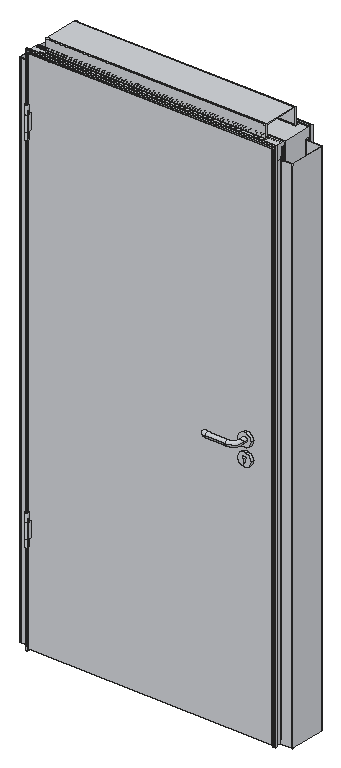
Revit family "BOS-Sino-Zarge-osd-STW_Familie", category Türen, Revit 2017
Family settings
  Basisbauteil = Wand
  Immer vertikal = Ja
  Beim Laden mit Abzugskörper schneiden = Nein
  Gemeinsam genutzt = Nein
  Raumberechnungspunkt = Ja
Parameters (values of type "osd mit Holztürblatt (Bandrolle sichtbar)")
  Öffnungswinkel [instance] = if(Öffnungswinkel   Aperture < Öffnungswinkel min., Öffnungswinkel min., if(Öffnungswinkel   Aperture > Öffnungswinkel max., Öffnungswinkel max., Öffnungswinkel   Aperture)) * if(DIN links   DIN Left, 1, -1)  # 0.00°
  Öffnungswinkel min. = 0.00°  # constant formula
  Öffnungswinkel max. = 180.00°  # constant formula
  Öffnungswinkel   Aperture [instance] = 0.00°
  osFd mit Holztürblatt (verdeckt liegendes Band) = no
  Umkantung vorne [instance] = 10 mm + if(Tectus Bänder, 1.5 mm, 0 mm)  # 10 mm
  Umkantung hinten [instance] = 10 mm  # constant formula
  Türblattabstand unten = 7 mm  # constant formula
  Türblattabstand oben = 4 mm  # constant formula
  Türblattaufschlag = 13 mm  # constant formula
  Türblattabstand links-rechts = 3.5 mm  # constant formula
  Theoretisches Rohbaumaß Höhe   Theoretical Wall Opening Height Measurement [instance] = FMH Falzmaß Höhe + Einfügepunkt  # 2162 mm
  Theoretisches Rohbaumaß Breite   Theoretical Wall Opening Width Measurement [instance] = FMB Falzmaß Breite + (2 * Einfügepunkt)  # 1074 mm
  Tectus Bänder [instance] = or([osd mit Holztürblatt (verdeckt liegendes Band)], [osFd mit Holztürblatt (verdeckt liegendes Band)])  # no
  Spiegel vorne min. = 2 * Blechstärke  # 4 mm
  Spiegel vorne max. = 2 * Blechstärke  # 4 mm
  Spiegel hinten min. = 2 * Blechstärke  # 4 mm
  Spiegel hinten max. = 2 * Blechstärke  # 4 mm
  Sickentiefe = 10 mm  # constant formula
  Putzwinkel min. = 3 mm  # constant formula
  Putzwinkel max. = 3 mm  # constant formula
  Material - Acrylfuge = none
  Holztürblatt [instance] = or(or([osd mit Holztürblatt (Bandrolle sichtbar)], [osd mit Holztürblatt (verdeckt liegendes Band)]), or([osFd mit Holztürblatt (Bandrolle sichtbar)], [osFd mit Holztürblatt (verdeckt liegendes Band)]))  # yes
  Gracila Bänder [instance] = or([osd mit Holztürblatt (Bandrolle sichtbar)], [osFd mit Holztürblatt (Bandrolle sichtbar)])  # yes
  Glastürdrücker [instance] = Glastürblatt  # no
  Glastürblatt [instance] = osd mit Glastürblatt  # no
  GT min. [instance] = MW min. + Putzwinkel vorne + Putzwinkel hinten  # 106 mm
  Drehpunktreferenz horizontal = 500 mm  # constant formula
  Türblattversatz vertikal [instance] = if(or(Gracila Bänder, Tectus Bänder), 9.5 mm, 44.5 mm)  # 9.5 mm
  Türblattversatz horizontal [instance] = if(or(Gracila Bänder, Tectus Bänder), -1.5 mm, 1.5 mm)  # -1.5 mm
  Türblattabstand 3 = 4.5 mm  # constant formula
  Türblattabstand 2 = 4.5 mm  # constant formula
  Türblattabstand 1 [instance] = if(Holztürblatt, -2 mm, -34 mm)  # -2 mm
  Wandstärke   Wall Thickness [instance] = 200 mm
  Stumpf = 1 < 2  # yes
  AK-Aussteifungsprofilabstand = Einfügepunkt + 50 mm  # 104 mm
  060-61/100 Bänder [instance] = osd mit Glastürblatt  # no
  Putzwinkel vorne   Backbend Front [instance] = 3 mm  # constant formula
  Putzwinkel hinten   Backbend Back [instance] = 3 mm  # constant formula
  LDH Lichte Durchgangs Höhe   Clearance Height [instance] = FMH Falzmaß Höhe - Falzaufschlag gesamt  # 2093 mm
  LDB Lichte Durchgangs Breite   Clearance Width [instance] = FMB Falzmaß Breite - (2 * Falzaufschlag gesamt)  # 936 mm
  Gefälzt = 1 > 2  # no
  URL = "www.BestOfSteel.de/stahlzargen/zargen-fuer-drehfluegeltueren/sino-zargen/"
  Türblattstärke 3 [instance] = if(Doppelfalz, Falztiefe 2, 0 mm)  # 0 mm
  Türblattstärke 2 [instance] = Türblattstärke - Türblattstärke 1 - Türblattstärke 3  # 40 mm
  Türblattstärke 1 [instance] = 0 mm  # constant formula
  Türblattstärke [instance] = if(Holztürblatt, if(Einfachfalz, 40 mm, 65 mm), 8 mm)  # 40 mm
  Typenbild = <Keine Auswahl>
  Spiegel vorne   Architrave Front [instance] = 2 * Blechstärke  # 4 mm
  Spiegel vorne [instance] = if(Spiegel vorne   Architrave Front < Spiegel vorne min., Spiegel vorne min., if(Spiegel vorne   Architrave Front > Spiegel vorne max., Spiegel vorne max., Spiegel vorne   Architrave Front))  # 4 mm
  Spiegel hinten   Architrave Back [instance] = 2 * Blechstärke  # 4 mm
  Spiegel hinten [instance] = if(Spiegel hinten   Architrave Back < Spiegel hinten min., Spiegel hinten min., if(Spiegel hinten   Architrave Back > Spiegel hinten max., Spiegel hinten max., Spiegel hinten   Architrave Back))  # 4 mm
  Rough Height = 0 mm  # constant formula
  Rough Width = 0 mm  # constant formula
  Rechtliche Hinweise [instance] = "www.BestOfSteel.de/tools-downloads/bim-building-information-modeling/"
  Putzwinkel vorne [instance] = if(Putzwinkel vorne   Backbend Front < Putzwinkel min., Putzwinkel min., if(Putzwinkel vorne   Backbend Front > Putzwinkel max., Putzwinkel max., Putzwinkel vorne   Backbend Front))  # 3 mm
  Putzwinkel hinten [instance] = if(Putzwinkel hinten   Backbend Back < Putzwinkel min., Putzwinkel min., if(Putzwinkel hinten   Backbend Back > Putzwinkel max., Putzwinkel max., Putzwinkel hinten   Backbend Back))  # 3 mm
  MW min. = if(Einfachfalz, 100 mm, 125 mm)  # 100 mm
  MW max. [instance] = GT max. - Putzwinkel vorne - Putzwinkel hinten  # 330 mm
  Information in English = no
  GT max. = 336 mm  # constant formula
  GT Gesamttiefe [instance] = GT Gesamttiefe_Zarge   Total Profile Depth  # 206 mm
  Funktion = Innen
  Falztiefe gesamt [instance] = if(Einfachfalz, Falztiefe, Falztiefe + Falztiefe 2)  # 46.5 mm
  Falztiefe 2 [instance] = 25 mm  # constant formula
  Falztiefe [instance] = Türblattstärke 2 - Türblattabstand 1 + Türblattabstand 2  # 46.5 mm
  Falzaufschlag gesamt = if(Einfachfalz, Falzaufschlag, 2 * Falzaufschlag)  # 15 mm
  FMH min. = 1608 mm  # constant formula
  FMH max. = 2358 mm  # constant formula
  FMH Falzmaß_Höhe   Rebate Height Measurement [instance] = 2108 mm
  FMH Falzmaß Höhe [instance] = if(FMH Falzmaß_Höhe   Rebate Height Measurement < FMH min., FMH min., if(FMH Falzmaß_Höhe   Rebate Height Measurement > FMH max., FMH max., FMH Falzmaß_Höhe   Rebate Height Measurement))  # 2108 mm
  FMB min. = 591 mm  # constant formula
  FMB max. = 966 mm  # constant formula
  FMB Falzmaß_Breite   Rebate Width Measurement [instance] = 966 mm
  FMB Falzmaß Breite [instance] = if(FMB Falzmaß_Breite   Rebate Width Measurement < FMB min., FMB min., if(FMB Falzmaß_Breite   Rebate Width Measurement > FMB max., FMB max., FMB Falzmaß_Breite   Rebate Width Measurement))  # 966 mm
  Drückerhöhe [instance] = if(Drückerhöhe   Handle Height < 850 mm, 850 mm, if(Drückerhöhe   Handle Height > 1050 mm, 1050 mm, Drückerhöhe   Handle Height))  # 1050 mm
  Drehpunkt Warnung sichtbar = yes
  Drehpunkt Warnung [instance] = and(Drehpunkt Warnung sichtbar, not(Öffnungswinkel = 0.00°))  # no
  Doppelfalz = or([osFd mit Holztürblatt (Bandrolle sichtbar)], [osFd mit Holztürblatt (verdeckt liegendes Band)])  # no
  Einfachfalz = or(or([osd mit Holztürblatt (Bandrolle sichtbar)], [osd mit Holztürblatt (verdeckt liegendes Band)]), osd mit Glastürblatt)  # yes
  Dichtungsversatz vertikal 2 [instance] = Falztiefe + Sickentiefe - Putzwinkel vorne + Falztiefe 2  # 78.5 mm
  Dichtungsversatz vertikal 1 [instance] = Falztiefe + Sickentiefe - Putzwinkel vorne  # 53.5 mm
  Dichtungsversatz horizontal 2 [instance] = Falzaufschlag  # 15 mm
  Dichtungsversatz horizontal 1 [instance] = 0 mm  # constant formula
  Dichtung 2 = Doppelfalz  # no
  Dichtung 1 = or(Einfachfalz, Doppelfalz)  # yes
  Drehpunktposition vertikal [instance] = (Wandstärke   Wall Thickness / 2) + Putzwinkel vorne + [Drehpunktabstand (SP) vertikal]  # 110.5 mm
  Drehpunktposition horizontal [instance] = Drehpunktreferenz horizontal + Einfügepunkt + if(DIN links   DIN Left, FMB Falzmaß Breite + [Drehpunktabstand (FM) horizontal], -[Drehpunktabstand (FM) horizontal])  # 1515 mm
  Drehpunktabstand (FM) horizontal [instance] = if(or(Gracila Bänder, Tectus Bänder), -5 mm, -2 mm)  # -5 mm
  Drehpunktabstand (SP) vertikal [instance] = if(or(Gracila Bänder, Tectus Bänder), 7.5 mm, 10.5 mm)  # 7.5 mm
  Bänder - Auswahl [instance] = if(Gracila Bänder, "Gracila Bänder", if(Tectus Bänder, "Tectus Bänder", "060-61/100 Glastürblattbänder"))  # "Gracila Bänder"
  Blechstärke = 2 mm  # constant formula
  BE max. = 100 mm  # constant formula
  BE Bodeneinstand [instance] = if(BE Bodeneinstand   Foundation Bedding < 0 mm, 0 mm, if(BE Bodeneinstand   Foundation Bedding > BE max., BE max., BE Bodeneinstand   Foundation Bedding))  # 0 mm
  osFd mit Holztürblatt (Bandrolle sichtbar) = no
  osd mit Glastürblatt = no
  Modell = "osd"
  Material - Zarge = none
  Material - Türblatt = none
  Material - Drückergarnitur = none
  Material - Dichtung = none
  Material - Bänder = none
  Material = "grundiert, feuerverzinktes Feinblech nach DIN EN 10143"
  MW Maulweite   Receiving Opening [instance] = if(Wandstärke   Wall Thickness < MW min., MW min., if(Wandstärke   Wall Thickness > MW max., MW max., Wandstärke   Wall Thickness))  # 200 mm
  Height [instance] = Theoretisches Rohbaumaß Höhe   Theoretical Wall Opening Height Measurement  # 2162 mm
  Hersteller = "BOS GmbH Best Of Steel, Lütkenfelde 4, D-48282 Emsdetten"
  GT Gesamttiefe_Zarge   Total Profile Depth [instance] = MW Maulweite   Receiving Opening + Putzwinkel vorne + Putzwinkel hinten  # 206 mm
  MW Fehler [instance] = or(Wandstärke   Wall Thickness < MW min., Wandstärke   Wall Thickness > MW max.)  # no
  Einfügepunkt = 54 mm  # constant formula
  Drückerhöhe   Handle Height [instance] = 1050 mm
  Drückergarnitur [instance] = Holztürblatt  # yes
  Dicke = 0 mm  # constant formula
  DIN rechts   DIN Right [instance] = not(DIN links   DIN Left)  # no
  DIN links oder rechts [instance] = if(DIN links   DIN Left, "DIN links", "DIN rechts")  # "DIN links"
  DIN links   DIN Left [instance] = yes
  osd mit Holztürblatt (Bandrolle sichtbar) = yes
  osd mit Holztürblatt (verdeckt liegendes Band) = no
  Width = 0 mm  # constant formula
  Beschreibung = "Sino-Zarge für Ständerwerk, stumpf"
  Bauelement = "BOS Stahlzarge"
  BOS-Architekten-Beratung = "Tel.: +49 (0) 2572 203-203; E-Mail: architekten@BestOfSteel.de"
  BE Bodeneinstand   Foundation Bedding [instance] = 0 mm
  BBL1 Bandbezugslinie   Hinge Position 1 = 241 mm  # constant formula
  BA Bandabstand   Distance Between Hinges [instance] = if(FMH Falzmaß Höhe < 1546 mm, 935 mm, if(FMH Falzmaß Höhe < 1671 mm, 1060 mm, if(FMH Falzmaß Höhe < 1796 mm, 1185 mm, if(FMH Falzmaß Höhe < 1921 mm, 1310 mm, if(FMH Falzmaß Höhe < 2171 mm, 1435 mm, if(FMH Falzmaß Höhe < 2296 mm, 1685 mm, if(FMH Falzmaß Höhe < 2421 mm, 1810 mm, if(FMH Falzmaß Höhe < 2546 mm, 1935 mm, if(FMH Falzmaß Höhe < 2671 mm, 2060 mm, if(FMH Falzmaß Höhe < 2796 mm, 2185 mm, 2310 mm))))))))))  # 1435 mm
  Falzaufschlag = 15 mm  # constant formula
  Technische Infos rund um die Stahlzarge = "www.BestOfSteel.de/tools-downloads/technische-infos-rund-um-die-stahlzarge/"
  Info-Texte sichtbar = yes
Reference planes
  plane 1 "Wand": y = 0
  plane 2 "Mitte (Links/rechts)": x = 125
  plane 3 "Hinten": y = 100
  plane 4 "Vorne": y = -100
  plane 5 "TRB links": x = -412
  plane 6 "TRB rechts": x = 662
  plane 7 "TRH oben": z = 2162
  plane 8 "BBL1": z = 1867
  plane 9 "Drückerhöhe": z = 1050
  plane 10 "BBL2": z = 432
  plane 11 "BE": z = 0
  plane 12 "FMH oben": z = 2108
  plane 13 "BE max.": z = -100
  plane 14 "FMB links": x = -358
  plane 15 "FMB rechts": x = 608
  plane 16 "Drehpunkt vertikal": y = -110.5
  plane 17 "Drehpunkt horizontal": x = -353
  plane 18 "Drehpunktreferenz horizontal": x = 1162
Forms (mm)
  Sweep 1, solid, material <- "Material - Dichtung", visible <- "Dichtung 1", detail levels medium+fine
    path origin (0, -100, 0) x (-1, 0, 0) y (0, 0, 1)
      loop
        line (358, 0) -> (358, 2108) -> (-608, 2108) -> (-608, 0)
    profile "BOS-Dichtung_Profil : BOS-Dichtung_Profil" origin (-358, -100, 1054) x (1, 0, 0) y (0, 1, 0)
      loop
        arc (2.601, 52.263) -> (2.248, 52.116) -> (2.102, 51.763) r 0.5
        line (2.102, 51.763) -> (2.102, 47.634)
        arc (2.102, 47.634) -> (2.243, 47.254) -> (2.599, 47.057) r 0.584
        line (2.599, 47.057) -> (7.702, 46.28)
        arc (7.702, 46.28) -> (8.08, 46.392) -> (8.234, 46.754) r 0.462
        line (8.234, 46.754) -> (8.069, 50.992)
        arc (8.069, 50.992) -> (7.918, 51.403) -> (7.556, 51.65) r 0.716
        arc (7.556, 51.65) -> (5.104, 52.16) -> (2.601, 52.263) r 15.257
      loop
        arc (2.671, 45.957) -> (2.274, 45.838) -> (2.102, 45.46) r 0.501
        line (2.102, 45.46) -> (2.102, 42.565)
        arc (2.102, 42.565) -> (2.227, 42.151) -> (2.561, 41.874) r 0.75
        line (2.561, 41.874) -> (9.159, 40)
        arc (9.159, 40) -> (9.738, 39.926) -> (10.314, 40.026) r 1.962
        arc (10.314, 40.026) -> (11.596, 40.754) -> (12.503, 41.916) r 3.79
        arc (12.503, 41.916) -> (12.466, 42.289) -> (12.114, 42.416) r 0.351
        arc (12.114, 42.416) -> (9.731, 42.818) -> (8.301, 44.767) r 3.215
        arc (8.301, 44.767) -> (8.101, 45.097) -> (7.751, 45.259) r 0.66
        line (7.751, 45.259) -> (2.671, 45.957)
      loop
        arc (9.885, 51.692) -> (6.361, 53.049) -> (2.611, 53.5) r 15.273
        arc (2.611, 53.5) -> (1.229, 53.241) -> (0, 52.558) r 4.388
        arc (0, 52.558) -> (-0.126, 52.198) -> (0.203, 52.005) r 0.3
        line (0.203, 52.005) -> (1.052, 52.179) -> (1.052, 47.212) -> (0.253, 46.589)
        arc (0.253, 46.589) -> (0.158, 46.198) -> (0.517, 46.017) r 0.324
        arc (0.517, 46.017) -> (0.888, 45.925) -> (1.052, 45.58) r 0.446
        line (1.052, 45.58) -> (1.052, 42.338) -> (0.255, 41.575)
        arc (0.255, 41.575) -> (0.205, 41.209) -> (0.55, 41.077) r 0.297
        arc (0.55, 41.077) -> (1.217, 41.194) -> (1.892, 41.137) r 2.63
        line (1.892, 41.137) -> (9.198, 39.049)
        arc (9.198, 39.049) -> (9.621, 39.008) -> (10.045, 39.024) r 3.219
        arc (10.045, 39.024) -> (12.714, 40.531) -> (14.033, 43.298) r 5.088
        arc (14.033, 43.298) -> (13.874, 43.708) -> (13.442, 43.788) r 0.451
        line (13.442, 43.788) -> (12.151, 43.352)
        arc (12.151, 43.352) -> (10.406, 43.72) -> (9.336, 45.147) r 2.533
        line (9.336, 45.147) -> (9.088, 50.569)
        arc (9.088, 50.569) -> (9.253, 50.964) -> (9.663, 51.087) r 0.501
        arc (9.663, 51.087) -> (10.021, 51.299) -> (9.885, 51.692) r 0.329
  Sweep 2, solid, material <- "Material - Dichtung", visible <- "Dichtung 2", detail levels medium+fine
    path origin (0, -100, 0) x (-1, 0, 0) y (0, 0, 1)
      loop
        line (358, 0) -> (358, 2108) -> (-608, 2108) -> (-608, 0)
    profile "BOS-Dichtung_Profil : BOS-Dichtung_Profil" origin (-358, -100, 1054) x (1, 0, 0) y (0, 1, 0)
      loop
        arc (17.601, 77.263) -> (17.248, 77.116) -> (17.102, 76.763) r 0.5
        line (17.102, 76.763) -> (17.102, 72.634)
        arc (17.102, 72.634) -> (17.243, 72.254) -> (17.599, 72.057) r 0.584
        line (17.599, 72.057) -> (22.702, 71.28)
        arc (22.702, 71.28) -> (23.08, 71.392) -> (23.234, 71.754) r 0.462
        line (23.234, 71.754) -> (23.069, 75.992)
        arc (23.069, 75.992) -> (22.918, 76.403) -> (22.556, 76.65) r 0.716
        arc (22.556, 76.65) -> (20.104, 77.16) -> (17.601, 77.263) r 15.257
      loop
        arc (17.671, 70.957) -> (17.274, 70.838) -> (17.102, 70.46) r 0.501
        line (17.102, 70.46) -> (17.102, 67.565)
        arc (17.102, 67.565) -> (17.227, 67.151) -> (17.561, 66.874) r 0.75
        line (17.561, 66.874) -> (24.159, 65)
        arc (24.159, 65) -> (24.738, 64.926) -> (25.314, 65.026) r 1.962
        arc (25.314, 65.026) -> (26.596, 65.754) -> (27.503, 66.916) r 3.79
        arc (27.503, 66.916) -> (27.466, 67.289) -> (27.114, 67.416) r 0.351
        arc (27.114, 67.416) -> (24.731, 67.818) -> (23.301, 69.767) r 3.215
        arc (23.301, 69.767) -> (23.101, 70.097) -> (22.751, 70.259) r 0.66
        line (22.751, 70.259) -> (17.671, 70.957)
      loop
        arc (24.885, 76.692) -> (21.361, 78.049) -> (17.611, 78.5) r 15.273
        arc (17.611, 78.5) -> (16.229, 78.241) -> (15, 77.558) r 4.388
        arc (15, 77.558) -> (14.874, 77.198) -> (15.203, 77.005) r 0.3
        line (15.203, 77.005) -> (16.052, 77.179) -> (16.052, 72.212) -> (15.253, 71.589)
        arc (15.253, 71.589) -> (15.158, 71.198) -> (15.517, 71.017) r 0.324
        arc (15.517, 71.017) -> (15.888, 70.925) -> (16.052, 70.58) r 0.446
        line (16.052, 70.58) -> (16.052, 67.338) -> (15.255, 66.575)
        arc (15.255, 66.575) -> (15.205, 66.209) -> (15.55, 66.077) r 0.297
        arc (15.55, 66.077) -> (16.217, 66.194) -> (16.892, 66.137) r 2.63
        line (16.892, 66.137) -> (24.198, 64.049)
        arc (24.198, 64.049) -> (24.621, 64.008) -> (25.045, 64.024) r 3.219
        arc (25.045, 64.024) -> (27.714, 65.531) -> (29.033, 68.298) r 5.088
        arc (29.033, 68.298) -> (28.874, 68.708) -> (28.442, 68.788) r 0.451
        line (28.442, 68.788) -> (27.151, 68.352)
        arc (27.151, 68.352) -> (25.406, 68.72) -> (24.336, 70.147) r 2.533
        line (24.336, 70.147) -> (24.088, 75.569)
        arc (24.088, 75.569) -> (24.253, 75.964) -> (24.663, 76.087) r 0.501
        arc (24.663, 76.087) -> (25.021, 76.299) -> (24.885, 76.692) r 0.329
  Sweep 3, solid, material <- "Material - Zarge", visible <- "Einfachfalz", detail levels medium+fine
    path origin (0, -100, 0) x (-1, 0, 0) y (0, 0, 1)
      loop
        line (412, 0) -> (412, 2162) -> (-662, 2162) -> (-662, 0)
    profile "BOS-osd_Profil : BOS-osd_Profil" origin (-412, -100, 1081) x (1, 0, 0) y (0, 1, 0)
      loop
        arc (69, 201) -> (67, 203) -> (65, 201) r 2
        line (65, 201) -> (65, 193) -> (67, 193) -> (67, 46.25)
        arc (67, 46.25) -> (66.198, 45.502) -> (65.507, 46.354) r 0.75
        line (65.507, 46.354) -> (66.232, 51.513)
        arc (66.232, 51.513) -> (65.408, 54.296) -> (62.766, 55.5) r 3.5
        line (62.766, 55.5) -> (55, 55.5)
        arc (55, 55.5) -> (52.879, 54.621) -> (52, 52.5) r 3
        line (52, 52.5) -> (52, 7) -> (50, 7) -> (50, -1)
        arc (50, -1) -> (52, -3) -> (54, -1) r 2
        line (54, -1) -> (54, 52.5)
        arc (54, 52.5) -> (54.293, 53.207) -> (55, 53.5) r 1
        line (55, 53.5) -> (62.766, 53.5)
        arc (62.766, 53.5) -> (63.898, 52.984) -> (64.252, 51.791) r 1.5
        line (64.252, 51.791) -> (63.527, 46.633)
        arc (63.527, 46.633) -> (66.058, 43.507) -> (69, 46.25) r 2.75
        line (69, 46.25) -> (69, 201)
  Sweep 4, solid, material <- "Material - Zarge", visible <- "Doppelfalz", detail levels medium+fine
    path origin (0, -100, 0) x (-1, 0, 0) y (0, 0, 1)
      loop
        line (412, 0) -> (412, 2162) -> (-662, 2162) -> (-662, 0)
    profile "BOS-osFd_Profil : BOS-osFd_Profil" origin (-412, -100, 1081) x (1, 0, 0) y (0, 1, 0)
      loop
        arc (84, 201) -> (82, 203) -> (80, 201) r 2
        line (80, 201) -> (80, 193) -> (82, 193) -> (82, 71.25)
        arc (82, 71.25) -> (81.198, 70.502) -> (80.507, 71.354) r 0.75
        line (80.507, 71.354) -> (81.232, 76.513)
        arc (81.232, 76.513) -> (80.408, 79.296) -> (77.766, 80.5) r 3.5
        line (77.766, 80.5) -> (70, 80.5)
        arc (70, 80.5) -> (67.879, 79.621) -> (67, 77.5) r 3
        line (67, 77.5) -> (67, 46.25)
        arc (67, 46.25) -> (66.198, 45.502) -> (65.507, 46.354) r 0.75
        line (65.507, 46.354) -> (66.232, 51.513)
        arc (66.232, 51.513) -> (65.408, 54.296) -> (62.766, 55.5) r 3.5
        line (62.766, 55.5) -> (55, 55.5)
        arc (55, 55.5) -> (52.879, 54.621) -> (52, 52.5) r 3
        line (52, 52.5) -> (52, 7) -> (50, 7) -> (50, -1)
        arc (50, -1) -> (52, -3) -> (54, -1) r 2
        line (54, -1) -> (54, 52.5)
        arc (54, 52.5) -> (54.293, 53.207) -> (55, 53.5) r 1
        line (55, 53.5) -> (62.766, 53.5)
        arc (62.766, 53.5) -> (63.898, 52.984) -> (64.252, 51.791) r 1.5
        line (64.252, 51.791) -> (63.527, 46.633)
        arc (63.527, 46.633) -> (66.058, 43.507) -> (69, 46.25) r 2.75
        line (69, 46.25) -> (69, 77.5)
        arc (69, 77.5) -> (69.293, 78.207) -> (70, 78.5) r 1
        line (70, 78.5) -> (77.766, 78.5)
        arc (77.766, 78.5) -> (78.898, 77.984) -> (79.252, 76.791) r 1.5
        line (79.252, 76.791) -> (78.527, 71.633)
        arc (78.527, 71.633) -> (81.058, 68.507) -> (84, 71.25) r 2.75
        line (84, 71.25) -> (84, 201)
  Sweep 5, solid, detail levels medium+fine
    path origin (0, -100, 0) x (-1, 0, 0) y (0, 0, 1)
      loop
        line (412, 0) -> (412, 2162) -> (-662, 2162) -> (-662, 0)
    profile "BOS-osd-Aussteifungsprofil_Profil : BOS-osd-Aussteifungsprofil_Profil" origin (-412, -100, 1081) x (1, 0, 0) y (0, 1, 0)
      loop
        line (50, 26.5) -> (50, 7) -> (52, 7) -> (52, 26.5)
        arc (52, 26.5) -> (51.121, 28.621) -> (49, 29.5) r 3
        line (49, 29.5) -> (3, 29.5)
        arc (3, 29.5) -> (2.293, 29.793) -> (2, 30.5) r 1
        line (2, 30.5) -> (2, 169.5)
        arc (2, 169.5) -> (2.293, 170.207) -> (3, 170.5) r 1
        line (3, 170.5) -> (64, 170.5)
        arc (64, 170.5) -> (66.121, 171.379) -> (67, 173.5) r 3
        line (67, 173.5) -> (67, 185.5) -> (65, 185.5) -> (65, 173.5)
        arc (65, 173.5) -> (64.707, 172.793) -> (64, 172.5) r 1
        line (64, 172.5) -> (3, 172.5)
        arc (3, 172.5) -> (0.879, 171.621) -> (0, 169.5) r 3
        line (0, 169.5) -> (0, 30.5)
        arc (0, 30.5) -> (0.879, 28.379) -> (3, 27.5) r 3
        line (3, 27.5) -> (49, 27.5)
        arc (49, 27.5) -> (49.707, 27.207) -> (50, 26.5) r 1
  Sweep 6, void
    path origin (0, 0, 0) x (1, 0, 0) y (0, 1, 0)
      loop
        line (125, -100) -> (125, 100)
    profile origin (125, 0, 0) x (-1, 0, 0) y (0, 0, 1)
      loop
        line (537, 2162) -> (433, 2162) -> (433, 2058) -> (537, 2058) -> (537, 2162)
      loop
        line (-433, 2162) -> (-537, 2162) -> (-537, 2058) -> (-433, 2058) -> (-433, 2162)
  Sweep 7, void
    path origin (0, -100, 0) x (-1, 0, 0) y (0, 0, 1)
      loop
        line (412, 0) -> (412, 2162) -> (-125, 2162)
    profile origin (-412, -100, 1081) x (1, 0, 0) y (0, 1, 0)
      loop
        line (537, 200) -> (60, 200) -> (60, 175) -> (0, 175) -> (0, 25) -> (45, 25) -> (45, 0) -> (537, 0) -> (537, 200)
  Sweep 8, void
    path origin (0, -100, 0) x (-1, 0, 0) y (0, 0, 1)
      loop
        line (-662, 0) -> (-662, 2162) -> (-125, 2162)
    profile origin (662, -100, 1081) x (1, 0, 0) y (0, 1, 0)
      loop
        line (-537, 200) -> (-537, 0) -> (-45, 0) -> (-45, 25) -> (0, 25) -> (0, 175) -> (-60, 175) -> (-60, 200) -> (-537, 200)
  Sweep 9, solid, material <- "Material - Acrylfuge", detail levels fine
    path origin (0, -100, 0) x (-1, 0, 0) y (0, 0, 1)
      loop
        line (412, 0) -> (412, 2162) -> (-662, 2162) -> (-662, 0)
    profile origin (-412, -100, 1081) x (1, 0, 0) y (0, 1, 0)
      loop
        arc (50, 7) -> (47.514, 7.38) -> (45, 7.306) r 13.906
        line (45, 7.306) -> (45, 0)
        arc (45, 0) -> (47.648, 0.238) -> (50, -1) r 4.695
        line (50, -1) -> (50, 7)
      loop
        arc (65, 201) -> (62.648, 199.762) -> (60, 200) r 4.695
        line (60, 200) -> (60, 192.694)
        arc (60, 192.694) -> (62.514, 192.62) -> (65, 193) r 13.906
        line (65, 193) -> (65, 201)
Cuts and joins
  Sweep 6 cuts Sweep 5
Lines and regions (mm)
  reference lines
    curve 1: line (65, 650, 0) -> (185, 650, 0)
    curve 2: line (-353, -110.5, 0) -> (347, -110.5, 0)
    curve 3: line (65, -350, 0) -> (185, -350, 0)
    curve 4: line (65, -650, 0) -> (185, -650, 0)
    curve 9: line (65, 150, 0) -> (185, 150, 0)
  symbolic lines, style "DoorsHiddenLines", visible <- "DIN links   DIN Left", detail levels coarse
    curve 5: arc (662, -100, 0) -> (347.433, -859.433, 0) -> (-412, -1174, 0) r 1074
  symbolic lines, style "Doors", visible <- "DIN links   DIN Left", detail levels coarse
    curve 6: line (-412, -100, 0) -> (-412, -1174, 0)
  symbolic lines, style "DoorsHiddenLines", visible <- "DIN rechts   DIN Right", detail levels coarse
    curve 7: arc (-412, -100, 0) -> (-97.433, -859.433, 0) -> (662, -1174, 0) r 1074
  symbolic lines, style "Doors", visible <- "DIN rechts   DIN Right", detail levels coarse
    curve 8: line (662, -100, 0) -> (662, -1174, 0)
Text (mm)
  text "Außen     " at (-1696.17, 830.944, 0), in view "Ref.-Ebene"
  text "Außen" at (0, 1409.804, 2854.306), in view "Links"
  text "Placement side" at (0, 499.811, 2980.732), in view "Rechts"
Dimensions and locks
  locked: plane 3 "Hinten" to host wall
  locked: host wall to plane 4 "Vorne" at 0
  equal spacing: plane 5 "TRB links", plane 2 "Mitte (Links/rechts)", plane 6 "TRB rechts"
  "Theoretisches Rohbaumaß Breite   Theoretical Wall Opening Width Measurement": plane 5 "TRB links" to plane 6 "TRB rechts"
  "Drückerhöhe": level to plane 9 "Drückerhöhe"
  "BE Bodeneinstand": plane 11 "BE" to level
  "Wandstärke   Wall Thickness": host wall to host wall
  "BBL1 Bandbezugslinie   Hinge Position 1": plane 12 "FMH oben" to plane 8 "BBL1"
  "BA Bandabstand   Distance Between Hinges": plane 8 "BBL1" to plane 10 "BBL2"
  "FMH Falzmaß Höhe": plane 12 "FMH oben" to level
  "Theoretisches Rohbaumaß Höhe   Theoretical Wall Opening Height Measurement": plane 7 "TRH oben" to level
  curve 4 to curve 3 to plane 4 "Vorne" to plane 3 "Hinten" to curve 9 to curve 1 = 300 mm, 250 mm, 200 mm, 50 mm, 500 mm
  "BE max.": level to plane 13 "BE max."
  equal spacing: plane 14 "FMB links", plane 2 "Mitte (Links/rechts)", plane 15 "FMB rechts"
  "FMB Falzmaß Breite": plane 14 "FMB links" to plane 15 "FMB rechts"
  "Drehpunktposition vertikal": host wall to plane 16 "Drehpunkt vertikal"
  "Drehpunktreferenz horizontal": plane 6 "TRB rechts" to plane 18 "Drehpunktreferenz horizontal"
  "Drehpunktposition horizontal": plane 17 "Drehpunkt horizontal" to plane 18 "Drehpunktreferenz horizontal"
  "AK-Aussteifungsprofilabstand": plane 5 "TRB links" to Sweep 6 sketch curve
  "AK-Aussteifungsprofilabstand": plane 7 "TRH oben" to Sweep 6 sketch curve
  "AK-Aussteifungsprofilabstand": plane 6 "TRB rechts" to Sweep 6 sketch curve
  "Öffnungswinkel": angle curve 2 to plane 16 "Drehpunkt vertikal"
  aligned and locked: plane 1 "Wand" to host wall
  aligned and locked: plane 6 "TRB rechts" to nested 1
  aligned and locked: plane 9 "Drückerhöhe" to nested 1
  aligned and locked: Sweep 1 sketch curve to plane 14 "FMB links"
  aligned and locked: Sweep 1 sketch curve to plane 12 "FMH oben"
  aligned and locked: Sweep 1 sketch curve to plane 15 "FMB rechts"
  aligned and locked: Sweep 2 sketch curve to plane 15 "FMB rechts"
  aligned and locked: Sweep 2 sketch curve to plane 12 "FMH oben"
  aligned and locked: Sweep 2 sketch curve to plane 14 "FMB links"
  aligned and locked: plane 16 "Drehpunkt vertikal" to curve 2
  aligned and locked: plane 17 "Drehpunkt horizontal" to curve 2
  aligned and locked: curve 1 to nested 5
  aligned and locked: plane 2 "Mitte (Links/rechts)" to nested 5
  aligned and locked: plane 18 "Drehpunktreferenz horizontal" to nested 3
  aligned and locked: plane 1 "Wand" to nested 3
  aligned and locked: nested 4 to plane 2 "Mitte (Links/rechts)"
  aligned and locked: curve 3 to nested 2
  aligned and locked: nested 2 to plane 2 "Mitte (Links/rechts)"
  aligned and locked: curve 4 to nested 4
  aligned and locked: plane 5 "TRB links" to Sweep 3 sketch curve
  aligned and locked: Sweep 3 sketch curve to plane 7 "TRH oben"
  aligned and locked: Sweep 3 sketch curve to plane 6 "TRB rechts"
  aligned and locked: plane 11 "BE" to Sweep 3 sketch curve  (x2)
  aligned and locked: plane 5 "TRB links" to Sweep 4 sketch curve
  aligned and locked: Sweep 4 sketch curve to plane 7 "TRH oben"
  aligned and locked: Sweep 4 sketch curve to plane 6 "TRB rechts"
  aligned and locked: plane 11 "BE" to Sweep 4 sketch curve  (x2)
  aligned and locked: nested 7 to plane 10 "BBL2"
  aligned and locked: plane 8 "BBL1" to nested 8
  aligned and locked: plane 17 "Drehpunkt horizontal" to nested 8
  aligned and locked: plane 17 "Drehpunkt horizontal" to nested 7
  aligned and locked: plane 16 "Drehpunkt vertikal" to nested 8
  aligned and locked: plane 16 "Drehpunkt vertikal" to nested 7
  aligned and locked: nested 9 to plane 10 "BBL2"
  aligned and locked: plane 8 "BBL1" to nested 10
  aligned and locked: plane 17 "Drehpunkt horizontal" to nested 9
  aligned and locked: plane 17 "Drehpunkt horizontal" to nested 10
  aligned and locked: plane 16 "Drehpunkt vertikal" to nested 10
  aligned and locked: plane 16 "Drehpunkt vertikal" to nested 9
  aligned and locked: nested 11 to curve 2
  aligned and locked: plane 5 "TRB links" to Sweep 5 sketch curve
  aligned and locked: plane 11 "BE" to Sweep 5 sketch curve  (x2)
  aligned and locked: Sweep 5 sketch curve to plane 6 "TRB rechts"
  aligned and locked: Sweep 5 sketch curve to plane 7 "TRH oben"
  aligned and locked: plane 2 "Mitte (Links/rechts)" to Sweep 6 sketch curve
  aligned and locked: plane 3 "Hinten" to Sweep 6 sketch curve
  aligned and locked: plane 4 "Vorne" to Sweep 6 sketch curve
  aligned and locked: Sweep 6 sketch curve to Sweep 6 sketch curve  (x2)
  aligned and locked: plane 5 "TRB links" to Sweep 6 sketch curve
  aligned and locked: Sweep 6 sketch curve to plane 7 "TRH oben"
  aligned and locked: Sweep 6 sketch curve to plane 6 "TRB rechts"
  aligned and locked: cut or joined group of Sweep 5, Sweep 6 to nested 6
  aligned and locked: curve 9 to nested 12
  aligned and locked: plane 2 "Mitte (Links/rechts)" to nested 12
  aligned and locked: nested 6 to cut or joined group of Sweep 5, Sweep 6
  aligned and locked: plane 5 "TRB links" to nested 13
  aligned and locked: nested 13 to plane 4 "Vorne"
  aligned and locked: plane 4 "Vorne" to nested 14
  aligned and locked: plane 6 "TRB rechts" to nested 14
  aligned and locked: Sweep 7 sketch curve to plane 7 "TRH oben"
  aligned and locked: plane 5 "TRB links" to Sweep 7 sketch curve
  aligned and locked: plane 2 "Mitte (Links/rechts)" to Sweep 7 sketch curve
  aligned and locked: level to Sweep 7 sketch curve
  aligned and locked: Sweep 7 sketch curve to nested 13  (x5)
  aligned and locked: nested 13 to Sweep 7 sketch curve  (x2)
  aligned and locked: Sweep 7 sketch curve to plane 2 "Mitte (Links/rechts)"
  aligned and locked: plane 6 "TRB rechts" to Sweep 8 sketch curve
  aligned and locked: level to Sweep 8 sketch curve
  aligned and locked: Sweep 8 sketch curve to nested 14  (x5)
  aligned and locked: nested 14 to Sweep 8 sketch curve  (x2)
  aligned and locked: Sweep 8 sketch curve to plane 2 "Mitte (Links/rechts)"
  aligned and locked: Sweep 9 sketch curve to plane 7 "TRH oben"
  aligned and locked: plane 5 "TRB links" to Sweep 9 sketch curve
  aligned and locked: Sweep 9 sketch curve to plane 6 "TRB rechts"
  aligned and locked: level to Sweep 9 sketch curve  (x2)
  aligned and locked: Sweep 9 sketch curve to nested 13  (x7)
  aligned and locked: Sweep 9 sketch curve to Sweep 4
  aligned and locked: cut or joined group of Sweep 5, Sweep 6 to nested 1
Automatic sketch dimensions
  Sweep 1 sketch curve to level = 0 mm  (x2)
  Sweep 2 sketch curve to level = 0 mm  (x2)
  host wall to curve 7 = 0 mm
  curve 6 to plane 5 "TRB links" = 0 mm
  host wall to curve 8 = 0 mm
  host wall to curve 5 = 0 mm
  curve 5 to plane 6 "TRB rechts" = 0 mm
  host wall to curve 6 = 0 mm
  curve 7 to plane 5 "TRB links" = 0 mm
  curve 8 to plane 6 "TRB rechts" = 0 mm
  Sweep 8 sketch curve to plane 2 "Mitte (Links/rechts)" = 0 mm
  plane 7 "TRH oben" to Sweep 8 sketch curve = 0 mm
  curve 4 to plane 2 "Mitte (Links/rechts)" = 60 mm
  curve 9 to plane 2 "Mitte (Links/rechts)" = 60 mm
  curve 3 to plane 2 "Mitte (Links/rechts)" = 60 mm
  curve 1 to plane 2 "Mitte (Links/rechts)" = 60 mm
  plane 2 "Mitte (Links/rechts)" to curve 3 = 60 mm
  plane 2 "Mitte (Links/rechts)" to curve 1 = 60 mm
  plane 2 "Mitte (Links/rechts)" to curve 4 = 60 mm
  plane 2 "Mitte (Links/rechts)" to curve 9 = 60 mm
Nested families
  nested 1: "BOS-BOS_Modell" at (662, -93, 1050), type "BOS-BOS_Modell", not visible
    with Abstand 54 mm
  nested 2: "BOS-Info-Texte_Beschriftung" at (125, -350.955, 0), visible <- "Drehpunkt Warnung", type "Drehpunkt Warnung"
  nested 3: "BOS-Info-Texte_Beschriftung" at (1162, -0.955, 0), visible <- "MW Fehler", type "Maulweite Fehlermeldung"
  nested 4: "BOS-Info-Texte_Beschriftung" at (125, -650.955, 0), visible <- "Info-Texte sichtbar", type "Rechtliche Hinweise"
  nested 5: "BOS-Info-Texte_Beschriftung" at (125, 649.045, 0), visible <- "Info-Texte sichtbar", type "Technische Hinweise"
  nested 6: "BOS-Logo_Modell" at (-403, 62.201, 0), type "BOS-Logo_Modell", detail levels fine
    with Abstand horizontal 7 mm
  nested 7: "BOS-Band-Gracila_Modell" at (-353, -110.5, 432), visible <- "Gracila Bänder", type "BOS-Band-Gracila_Modell", detail levels fine
  nested 8: "BOS-Band-Gracila_Modell" at (-353, -110.5, 1867), visible <- "Gracila Bänder", type "BOS-Band-Gracila_Modell", detail levels fine
  nested 9: "BOS-Band-060-61-100_Modell" at (-353, -110.5, 432), visible <- "060-61/100 Bänder", type "BOS-Band-060-61-100_Modell", detail levels fine
    with Türblattstärke 40 mm, Radius 2 mm, Extrusionsende AK Radius 2.5 -55 mm, Extrusionsende AK Radius 2 60 mm, Abstand 42 mm
  nested 10: "BOS-Band-060-61-100_Modell" at (-353, -110.5, 1867), visible <- "060-61/100 Bänder", type "BOS-Band-060-61-100_Modell", detail levels fine
    with Türblattstärke 40 mm, Radius 2 mm, Extrusionsende AK Radius 2.5 -55 mm, Extrusionsende AK Radius 2 60 mm, Abstand 42 mm
  nested 11: "BOS-Türblatt_Modell" at (125, -107, 0), type "BOS-Türblatt_Modell", detail levels medium+fine
    with Glastürdrücker DIN rechts no, Glastürdrücker DIN links no, Drückergarnitur DIN rechts no, Drückergarnitur DIN links yes, Türblattversatz vertikal 9.5 mm, Türblattversatz horizontal -1.5 mm, Türblattstärke 2 40 mm, Türblattstärke 1 0 mm, TAH Türblatt Außenmaß Höhe 2097 mm, TAB Türblatt Außenmaß Breite 959 mm, Stumpf yes, Gefälzt no, Drehpunktabstand vertikal 89.5 mm
  nested 12: "BOS-Info-Texte_Beschriftung" at (125, 149.045, 0), visible <- "Info-Texte sichtbar", type "Türblattgewicht Hinweis"
    with Fehlerkreis no
  nested 13: "BOS-Bügelanker-eckig_Detail" at (-412, -100, 0), type "BOS-Bügelanker-eckig_Detail", detail levels fine
    with Unterfütterungsstärke 0 mm, Putzwinkel vorne 3 mm, Anker sichtbar no, Einfügepunkt 54 mm, Blechstärke 2 mm, Beplankungsabstand vorne 2 9 mm, Beplankungsabstand vorne 1 9 mm, Beplankungsabstand hinten 2 9 mm, Beplankungsabstand hinten 1 9 mm, Acrylfuge vorne sichtbar yes, Acrylfuge hinten sichtbar yes
  nested 14: "BOS-Bügelanker-eckig_Detail" at (662, -100, 0) x (-1, 0, 0) z (0, 0, 1), type "BOS-Bügelanker-eckig_Detail", detail levels fine
    with Unterfütterungsstärke 0 mm, Putzwinkel vorne 3 mm, Anker sichtbar no, Einfügepunkt 54 mm, Blechstärke 2 mm, Beplankungsabstand vorne 2 9 mm, Beplankungsabstand vorne 1 9 mm, Beplankungsabstand hinten 2 9 mm, Beplankungsabstand hinten 1 9 mm, Acrylfuge vorne sichtbar yes, Acrylfuge hinten sichtbar yes
Definition of nested family "BOS-Band-Gracila_Modell"
  Parameters (values of type "BOS-Band-Gracila_Modell")
    Öffnungswinkel = 0.00°
    Radius = 2 mm
    URL = "www.BestOfSteel.de"
    Rechtliche Hinweise = "www.BestOfSteel.de/tools-downloads/bim-building-information-modeling/"
    Material - Bänder = none
    Manufacturer = ""
    Drehwinkel = Öffnungswinkel  # 0.00°
    DIN rechts = no
    DIN links = yes
    Description = "Band Gracila stumpf"
    Keynote = "BOS Modell"
    BOS-Architekten-Beratung = "Tel.: +49 (0) 2572 203-203; E-Mail: architekten@BestOfSteel.de"
    Technische Infos rund um die Stahlzarge = "www.BestOfSteel.de/tools-downloads/technische-infos-rund-um-die-stahlzarge/"
  Reference planes
    plane 1: y = 0
    plane 2: z = 0
    plane 3: x = 0
    plane 4: y = 7.5
    plane 5: x = -5
    plane 6: x = 5
    plane 7: y = 9.5
    plane 8: x = -7
    plane 9: x = 7
    plane 10: x = -9
    plane 11: x = 9
  Forms (mm)
    Sweep 1, solid, material <- "Material - Bänder"
      path origin (-13.92, -27.5, 1200) x (-1, 0, 0) y (0, 0, 1)
        loop
          line (-13.92, -1260) -> (-13.92, -1140)
      profile origin (0, -27.5, 0) x (1, 0, 0) y (0, 1, 0)
        loop
          circle (0, 27.5) r 4.4
    Extrusion 2, solid, material <- "Material - Bänder", visible <- "DIN links"
      sketch origin (0, 0, 0) x (1, 0, 0) y (0, 1, 0)
        loop
          arc (4.5, 6) -> (-6.708, -3.354) -> (7.5, 0) r 7.5
          line (7.5, 0) -> (7.5, 9.5) -> (4.5, 9.5) -> (4.5, 6)
        loop
          circle (0, 0) r 4.5
      from -30 to 30
    Extrusion 3, solid, material <- "Material - Bänder", visible <- "DIN rechts"
      sketch origin (0, 0, 0) x (1, 0, 0) y (0, 1, 0)
        loop
          circle (0, 0) r 4.5
        loop
          arc (4.5, 6) -> (-6.708, -3.354) -> (7.5, 0) r 7.5
          line (7.5, 0) -> (7.5, 46) -> (4.5, 46) -> (4.5, 6)
      from -60 to 60
    Extrusion 4, solid, material <- "Material - Bänder", visible <- "DIN links"
      sketch origin (0, 0, 0) x (1, 0, 0) y (0, 1, 0)
        loop
          arc (-7.5, 0) -> (6.708, -3.354) -> (-4.5, 6) r 7.5
          line (-4.5, 6) -> (-4.5, 46) -> (-7.5, 46) -> (-7.5, 0)
        loop
          circle (0, 0) r 4.5
      from -60 to 60
    Extrusion 5, void
      sketch origin (-7.5, 0, 0) x (0, 1, 0) y (0, 0, -1)
        loop
          line (46, -60) -> (46, -48)
          arc (46, -48) -> (42.485, -56.485) -> (34, -60) r 12
          line (34, -60) -> (46, -60)
        loop
          line (46, 60) -> (34, 60)
          arc (34, 60) -> (42.485, 56.485) -> (46, 48) r 12
          line (46, 48) -> (46, 60)
        loop
          line (8, -30.5) -> (8, 30.5) -> (-7.5, 30.5) -> (-7.5, -30.5) -> (8, -30.5)
      from -15 to 0
    Extrusion 6, void
      sketch origin (0, 0, 60) x (1, 0, 0) y (0, 1, 0)
        loop
          line (-5, 46) -> (-9, 46) -> (-9, 9.5)
          arc (-9, 9.5) -> (-7, 7.5) -> (-5, 9.5) r 2
          line (-5, 9.5) -> (-5, 46)
        loop
          line (5, 46) -> (5, 9.5)
          arc (5, 9.5) -> (7, 7.5) -> (9, 9.5) r 2
          line (9, 9.5) -> (9, 46) -> (5, 46)
      from -120 to 0
    Extrusion 7, solid, material <- "Material - Bänder", visible <- "DIN rechts"
      sketch origin (0, 0, 0) x (1, 0, 0) y (0, 1, 0)
        loop
          circle (0, 0) r 4.5
        loop
          arc (-7.5, 0) -> (6.708, -3.354) -> (-4.5, 6) r 7.5
          line (-4.5, 6) -> (-4.5, 9.5) -> (-7.5, 9.5) -> (-7.5, 0)
      from -30 to 30
  Cuts and joins
    Extrusion 5, Extrusion 6 cuts Extrusion 3
    Extrusion 5, Extrusion 6 cuts Extrusion 4
  Lines and regions (mm)
    reference lines
      curve 1: line (0, 0, 0) -> (110, 0, 0)
  Dimensions and locks
    plane 4 to plane 1 = 7.5 mm
    plane 5 to plane 6 = 10 mm
    equal spacing: plane 5, plane 3, plane 6
    "Radius": plane 7 to plane 4
    "Radius": plane 8 to plane 5
    "Radius": plane 6 to plane 9
    "Radius": plane 10 to plane 8
    "Radius": plane 9 to plane 11
    "Drehwinkel": angle curve 1 to plane 1
    aligned and locked: level to plane 2
    aligned and locked: plane 3 to curve 1
    aligned and locked: plane 1 to curve 1
    aligned and locked: Extrusion 5 sketch curve to Extrusion 4  (x2)
    aligned and locked: Extrusion 4 to Extrusion 5 sketch curve  (x2)
    aligned and locked: Extrusion 6 sketch curve to cut or joined group of Extrusion 4, Extrusion 5, Extrusion 6
    aligned and locked: Extrusion 6 sketch curve to cut or joined group of Extrusion 3, Extrusion 5, Extrusion 6
    aligned and locked: Extrusion 6 sketch curve to plane 5
    aligned and locked: Extrusion 6 sketch curve to plane 6
    aligned and locked: Extrusion 6 sketch curve to plane 11
    aligned and locked: Extrusion 6 sketch curve to plane 10
    aligned and locked: plane 7 to Extrusion 6 sketch curve  (x4)
  Automatic sketch dimensions
    Sweep 1 sketch curve to plane 3 = 0 mm
    Sweep 1 sketch curve to level = 60 mm
    level to Sweep 1 sketch curve = 60 mm
    Sweep 1 sketch curve to profile plane = 0 mm
    profile plane to Sweep 1 sketch curve = 27.5 mm
    Extrusion 3 sketch curve to Extrusion 3 sketch curve = 0 mm  (x3)
    plane 1 to Extrusion 3 sketch curve = 0 mm
    Extrusion 3 sketch curve to plane 3 = 0 mm
    Extrusion 3 sketch curve to plane 1 = 46 mm
    Extrusion 3 sketch curve to Extrusion 3 sketch curve = 3 mm
    plane 3 to Extrusion 3 sketch curve = 4.5 mm
    Extrusion 4 sketch curve to Extrusion 4 sketch curve = 0 mm  (x2)
    plane 1 to Extrusion 4 sketch curve = 0 mm  (x2)
    Extrusion 4 sketch curve to plane 3 = 0 mm
    Extrusion 4 sketch curve to plane 1 = 46 mm
    Extrusion 4 sketch curve to plane 3 = 4.5 mm
    Extrusion 4 sketch curve to Extrusion 4 sketch curve = 3 mm
    Extrusion 4 to Extrusion 5 sketch curve = 0 mm
    Extrusion 5 sketch curve to Extrusion 4 = 0 mm  (x3)
    Extrusion 5 sketch curve to Extrusion 5 sketch curve = 12 mm  (x2)
    Extrusion 5 sketch curve to Extrusion 4 = 8 mm
    Extrusion 4 to Extrusion 5 sketch curve = 7.5 mm
    Extrusion 4 to Extrusion 5 sketch curve = 29.5 mm  (x2)
    Extrusion 5 sketch curve to Extrusion 5 sketch curve = 0 mm  (x4)
    Extrusion 7 sketch curve to Extrusion 7 sketch curve = 0 mm  (x2)
    Extrusion 7 sketch curve to curve 1 = 0 mm  (x2)
    Extrusion 7 sketch curve to curve 1 = 4.5 mm
    Extrusion 7 sketch curve to Extrusion 7 sketch curve = 3 mm
    Extrusion 7 sketch curve to Extrusion 7 sketch curve = 3.5 mm
    Extrusion 2 sketch curve to Extrusion 2 sketch curve = 0 mm  (x2)
    Extrusion 2 sketch curve to curve 1 = 0 mm  (x2)
    curve 1 to Extrusion 2 sketch curve = 4.5 mm
    Extrusion 2 sketch curve to Extrusion 2 sketch curve = 3 mm
    Extrusion 2 sketch curve to Extrusion 2 sketch curve = 3.5 mm
    radius of Sweep 1 sketch curve = 4.4 mm
    radius of Extrusion 3 sketch curve = 4.5 mm
    radius of Extrusion 4 sketch curve = 4.5 mm
    radius of Extrusion 7 sketch curve = 4.5 mm
    radius of Extrusion 2 sketch curve = 4.5 mm
Definition of nested family "BOS-Band-060-61-100_Modell"
  Parameters (values of type "BOS-Band-060-61-100_Modell")
    Öffnungswinkel = 0.00°
    URL = "www.BestOfSteel.de"
    Türblattstärke = 8 mm
    Rechtliche Hinweise = "www.BestOfSteel.de/tools-downloads/bim-building-information-modeling/"
    Radius = 2.5 mm
    Material - Bänder = none
    Manufacturer = ""
    Extrusionsende AK Radius 2.5 = if(Radius = 2.5 mm, 60 mm, -55 mm)  # 60 mm
    Extrusionsende AK Radius 2 = if(Radius = 2 mm, 60 mm, -55 mm)  # -55 mm
    Extrusionsbeginn AK Radius 2.5 = -60 mm  # constant formula
    Extrusionsbeginn AK Radius 2 = -60 mm  # constant formula
    Drehwinkel = Öffnungswinkel  # 0.00°
    DIN rechts = no
    DIN links = yes
    Description = "Glastürband 060-61/100 stumpf"
    Keynote = "BOS Modell"
    BOS-Architekten-Beratung = "Tel.: +49 (0) 2572 203-203; E-Mail: architekten@BestOfSteel.de"
    Technische Infos rund um die Stahlzarge = "www.BestOfSteel.de/tools-downloads/technische-infos-rund-um-die-stahlzarge/"
    Abstand = 1 mm + Türblattstärke + 1 mm  # 10 mm
  Reference planes
    plane 1: y = 0
    plane 2: z = 0
    plane 3: x = 0
    plane 4: x = -2
    plane 5: x = -4.5
    plane 6: x = -7
    plane 7: x = 2
    plane 8: x = 4.5
    plane 9: x = 7
    plane 10: y = 10.5
    plane 11: y = 13
  Forms (mm)
    Extrusion 1, solid, material <- "Material - Bänder"
      sketch origin (0, 0, 0) x (1, 0, 0) y (0, 1, 0)
        loop
          circle (0, 0) r 6.9
      from -50.15 to 50.15
    Extrusion 2, solid, material <- "Material - Bänder", visible <- "DIN links"
      sketch origin (0, 0, 0) x (1, 0, 0) y (0, 1, 0)
        loop
          line (4.114, 5.663) -> (5.878, 8.09)
          arc (5.878, 8.09) -> (-8.91, -4.54) -> (10, 0) r 10
          line (10, 0) -> (10, 39.5)
          arc (10, 39.5) -> (10.293, 40.207) -> (11, 40.5) r 1
          line (11, 40.5) -> (52.5, 40.5) -> (52.5, 43.5) -> (11, 43.5)
          arc (11, 43.5) -> (8.172, 42.328) -> (7, 39.5) r 4
          line (7, 39.5) -> (7, 0)
          arc (7, 0) -> (-6.237, -3.178) -> (4.114, 5.663) r 7
        loop
          line (52.5, 53.5) -> (52.5, 56.5) -> (17.5, 56.5) -> (17.5, 53.5) -> (52.5, 53.5)
      from -50.15 to 50.15
    Extrusion 3, void
      sketch origin (11, 40.5, 0) x (1, 0, 0) y (0, 0, 1)
        loop
          arc (31.5, 50.15) -> (38.571, 47.221) -> (41.5, 40.15) r 10
          line (41.5, 40.15) -> (41.5, 50.15) -> (31.5, 50.15)
        loop
          line (41.5, -50.15) -> (41.5, -40.15)
          arc (41.5, -40.15) -> (38.571, -47.221) -> (31.5, -50.15) r 10
          line (31.5, -50.15) -> (41.5, -50.15)
        loop
          line (-53.5, 50.15) -> (-63.5, 50.15) -> (-63.5, 40.15)
          arc (-63.5, 40.15) -> (-60.571, 47.221) -> (-53.5, 50.15) r 10
        loop
          line (-63.5, -50.15) -> (-53.5, -50.15)
          arc (-53.5, -50.15) -> (-60.571, -47.221) -> (-63.5, -40.15) r 10
          line (-63.5, -40.15) -> (-63.5, -50.15)
      from -18 to 0
    Extrusion 4, void
      sketch origin (10, 0, 0) x (0, 1, 0) y (0, 0, 1)
        loop
          line (10, 24) -> (-10, 24) -> (-10, -24) -> (10, -24) -> (10, 24)
      from -20 to 0
    Extrusion 5, solid, material <- "Material - Bänder", visible <- "DIN rechts"
      sketch origin (0, 0, 0) x (1, 0, 0) y (0, 1, 0)
        loop
          line (-7, 0) -> (-7, 39.5)
          arc (-7, 39.5) -> (-8.172, 42.328) -> (-11, 43.5) r 4
          line (-11, 43.5) -> (-52.5, 43.5) -> (-52.5, 40.5) -> (-11, 40.5)
          arc (-11, 40.5) -> (-10.293, 40.207) -> (-10, 39.5) r 1
          line (-10, 39.5) -> (-10, 0)
          arc (-10, 0) -> (8.91, -4.54) -> (-5.878, 8.09) r 10
          line (-5.878, 8.09) -> (-4.114, 5.663)
          arc (-4.114, 5.663) -> (6.237, -3.178) -> (-7, 0) r 7
        loop
          line (-17.5, 56.5) -> (-52.5, 56.5) -> (-52.5, 53.5) -> (-17.5, 53.5) -> (-17.5, 56.5)
      from -50.15 to 50.15
    Extrusion 6, solid, material <- "Material - Bänder", visible <- "DIN links"
      sketch origin (0, 0, 0) x (1, 0, 0) y (0, 1, 0)
        loop
          line (-1, 45) -> (-4, 45) -> (-4, 12.201) -> (-8.387, 5.446)
          arc (-8.387, 5.446) -> (4.772, -8.788) -> (0, 10) r 10
          line (0, 10) -> (0, 7)
          arc (0, 7) -> (3.34, -6.152) -> (-5.871, 3.812) r 7
          line (-5.871, 3.812) -> (-1, 11.313) -> (-1, 45)
      from -50.15 to 50.15
    Extrusion 7, void
      sketch origin (0, 0, 0) x (0, -1, 0) y (0, 0, 1)
        loop
          line (-12, 50.15) -> (-12, 23.5) -> (10, 23.5) -> (10, 50.15) -> (-12, 50.15)
        loop
          line (10, -50.15) -> (10, -23.5) -> (-12, -23.5) -> (-12, -50.15) -> (10, -50.15)
        loop
          line (-45, 50.15) -> (-45, 38.15)
          arc (-45, 38.15) -> (-41.485, 46.635) -> (-33, 50.15) r 12
          line (-33, 50.15) -> (-45, 50.15)
        loop
          line (-45, -50.15) -> (-33, -50.15)
          arc (-33, -50.15) -> (-41.485, -46.635) -> (-45, -38.15) r 12
          line (-45, -38.15) -> (-45, -50.15)
      from -10 to 10
    Extrusion 8, solid, material <- "Material - Bänder", visible <- "DIN rechts"
      sketch origin (0, 0, 0) x (1, 0, 0) y (0, 1, 0)
        loop
          arc (0, 10) -> (-4.772, -8.788) -> (8.387, 5.446) r 10
          line (8.387, 5.446) -> (4, 12.201) -> (4, 45) -> (1, 45) -> (1, 11.313) -> (5.871, 3.812)
          arc (5.871, 3.812) -> (-3.34, -6.152) -> (0, 7) r 7
          line (0, 7) -> (0, 10)
      from -50.15 to 50.15
    Extrusion 9, void
      sketch origin (0, 0, 0) x (1, 0, 0) y (0, 1, 0)
        loop
          line (-2, 13) -> (-2, 47.767) -> (-7, 47.767) -> (-7, 13)
          arc (-7, 13) -> (-4.5, 10.5) -> (-2, 13) r 2.5
        loop
          arc (2, 13) -> (4.5, 10.5) -> (7, 13) r 2.5
          line (7, 13) -> (7, 47.767) -> (2, 47.767) -> (2, 13)
      from -60 <- "Extrusionsbeginn AK Radius 2" to -55 <- "Extrusionsende AK Radius 2"
    Extrusion 10, solid, material <- "Material - Bänder", visible <- "DIN rechts"
      sketch origin (-11, 40.5, 0) x (-1, 0, 0) y (0, 0, -1)
        loop
          circle (24, -22.5) r 16
        loop
          circle (24, 22.5) r 16
      from -13 to -3
    Extrusion 11, solid, material <- "Material - Bänder", visible <- "DIN links"
      sketch origin (11, 40.5, 0) x (1, 0, 0) y (0, 0, 1)
        loop
          circle (24, 22.5) r 16
        loop
          circle (24, -22.5) r 16
      from -13 to -3
    Extrusion 12, void
      sketch origin (0, 0, 0) x (1, 0, 0) y (0, 1, 0)
        loop
          line (-2, 47.767) -> (-7, 47.767) -> (-7, 10.5) -> (-4.5, 10.5)
          arc (-4.5, 10.5) -> (-2.732, 11.232) -> (-2, 13) r 2.5
          line (-2, 13) -> (-2, 47.767)
        loop
          line (2, 47.767) -> (2, 13)
          arc (2, 13) -> (2.732, 11.232) -> (4.5, 10.5) r 2.5
          line (4.5, 10.5) -> (7, 10.5) -> (7, 47.767) -> (2, 47.767)
      from -60 <- "Extrusionsbeginn AK Radius 2.5" to 60 <- "Extrusionsende AK Radius 2.5"
  Cuts and joins
    Extrusion 3, Extrusion 4 cuts Extrusion 2
    Extrusion 3, Extrusion 4 cuts Extrusion 5
    Extrusion 7, Extrusion 9, Extrusion 12 cuts Extrusion 6
    Extrusion 7, Extrusion 9, Extrusion 12 cuts Extrusion 8
  Lines and regions (mm)
    reference lines
      curve 1: line (0, 0, 0) -> (110, 0, 0)
  Dimensions and locks
    "Abstand": cut or joined group of Extrusion 2, Extrusion 3, Extrusion 4 to cut or joined group of Extrusion 2, Extrusion 3, Extrusion 4
    "Abstand": cut or joined group of Extrusion 3, Extrusion 4, Extrusion 5 to cut or joined group of Extrusion 3, Extrusion 4, Extrusion 5
    "Abstand": Extrusion 10 to cut or joined group of Extrusion 3, Extrusion 4, Extrusion 5
    "Abstand": Extrusion 11 to cut or joined group of Extrusion 2, Extrusion 3, Extrusion 4
    plane 4 to plane 7 = 4 mm
    "Radius": plane 5 to plane 4
    "Radius": plane 7 to plane 8
    "Radius": plane 8 to plane 9
    "Radius": plane 6 to plane 5
    plane 1 to plane 10 = 10.5 mm
    equal spacing: plane 4, plane 3, plane 7
    "Radius": plane 11 to plane 10
    "Drehwinkel": angle curve 1 to plane 1
    aligned and locked: level to plane 2
    aligned and locked: plane 3 to curve 1
    aligned and locked: plane 1 to curve 1
    aligned and locked: Extrusion 3 sketch curve to Extrusion 2  (x4)
    aligned and locked: Extrusion 3 to Extrusion 2
    aligned and locked: Extrusion 5 to Extrusion 4
    aligned and locked: cut or joined group of Extrusion 3, Extrusion 4, Extrusion 5 to Extrusion 3 sketch curve  (x2)
    aligned and locked: Extrusion 3 sketch curve to cut or joined group of Extrusion 3, Extrusion 4, Extrusion 5  (x2)
    aligned and locked: Extrusion 7 sketch curve to cut or joined group of Extrusion 3, Extrusion 4, Extrusion 5
    aligned and locked: Extrusion 9 sketch curve to plane 6
    aligned and locked: plane 9 to Extrusion 9 sketch curve
  Automatic sketch dimensions
    plane 1 to Extrusion 1 sketch curve = 0 mm
    Extrusion 1 sketch curve to plane 3 = 0 mm
    Extrusion 2 sketch curve to Extrusion 2 sketch curve = 0 mm  (x5)
    Extrusion 2 sketch curve to curve 1 = 0 mm  (x2)
    curve 1 to Extrusion 2 sketch curve = 4.114 mm
    Extrusion 2 sketch curve to Extrusion 2 sketch curve = 1.763 mm
    curve 1 to Extrusion 2 sketch curve = 7 mm
    Extrusion 2 sketch curve to Extrusion 2 sketch curve = 1 mm
    Extrusion 2 sketch curve to Extrusion 2 sketch curve = 6.5 mm
    Extrusion 2 sketch curve to Extrusion 2 sketch curve = 35 mm
    Extrusion 2 sketch curve to Extrusion 2 sketch curve = 2.427 mm
    curve 1 to Extrusion 2 sketch curve = 39.5 mm
    Extrusion 2 sketch curve to Extrusion 2 sketch curve = 10 mm
    Extrusion 2 sketch curve to Extrusion 2 sketch curve = 3 mm
    Extrusion 3 sketch curve to Extrusion 2 = 0 mm  (x6)
    Extrusion 3 sketch curve to Extrusion 3 sketch curve = 10 mm  (x4)
    Extrusion 2 to Extrusion 3 sketch curve = 10 mm  (x2)
    Extrusion 3 sketch curve to Extrusion 3 sketch curve = 0 mm  (x8)
    Extrusion 5 sketch curve to Extrusion 5 sketch curve = 0 mm  (x5)
    Extrusion 5 sketch curve to curve 1 = 0 mm  (x3)
    Extrusion 5 sketch curve to curve 1 = 4.114 mm
    Extrusion 5 sketch curve to Extrusion 5 sketch curve = 1.763 mm
    Extrusion 5 sketch curve to curve 1 = 7 mm
    Extrusion 5 sketch curve to Extrusion 5 sketch curve = 3 mm  (x2)
    Extrusion 5 sketch curve to Extrusion 5 sketch curve = 1 mm
    Extrusion 5 sketch curve to Extrusion 5 sketch curve = 6.5 mm
    Extrusion 5 sketch curve to Extrusion 5 sketch curve = 35 mm
    curve 1 to Extrusion 5 sketch curve = 39.5 mm
    Extrusion 5 sketch curve to Extrusion 5 sketch curve = 10 mm
    Extrusion 6 sketch curve to Extrusion 6 sketch curve = 0 mm  (x2)
    plane 1 to Extrusion 6 sketch curve = 0 mm
    Extrusion 6 sketch curve to plane 3 = 0 mm
    Extrusion 6 sketch curve to plane 3 = 1 mm
    Extrusion 6 sketch curve to Extrusion 6 sketch curve = 3 mm
    Extrusion 6 sketch curve to Extrusion 6 sketch curve = 0.889 mm
    Extrusion 6 sketch curve to Extrusion 6 sketch curve = 32.799 mm
    Extrusion 6 sketch curve to plane 3 = 5.871 mm
    Extrusion 6 sketch curve to Extrusion 6 sketch curve = 2.516 mm
    Extrusion 6 sketch curve to plane 1 = 5.446 mm
    Extrusion 6 sketch curve to Extrusion 6 sketch curve = 4.313 mm
    Extrusion 6 sketch curve to Extrusion 6 sketch curve = 1.313 mm
    Extrusion 8 sketch curve to Extrusion 8 sketch curve = 0 mm
    plane 1 to Extrusion 8 sketch curve = 0 mm
    Extrusion 8 sketch curve to plane 3 = 0 mm
    plane 3 to Extrusion 8 sketch curve = 1 mm
    Extrusion 8 sketch curve to Extrusion 8 sketch curve = 3 mm  (x2)
    Extrusion 8 sketch curve to plane 1 = 3.812 mm
    Extrusion 8 sketch curve to Extrusion 8 sketch curve = 0.889 mm
    Extrusion 8 sketch curve to Extrusion 8 sketch curve = 32.799 mm
    Extrusion 8 sketch curve to Extrusion 8 sketch curve = 4.871 mm
    Extrusion 8 sketch curve to plane 1 = 5.446 mm
    Extrusion 8 sketch curve to Extrusion 8 sketch curve = 1.313 mm
    Extrusion 2 to Extrusion 4 sketch curve = 10 mm
    Extrusion 4 sketch curve to Extrusion 2 = 10 mm
    Extrusion 2 to Extrusion 4 sketch curve = 26.15 mm  (x2)
    Extrusion 7 sketch curve to plane 1 = 45 mm  (x2)
    Extrusion 7 sketch curve to Extrusion 7 sketch curve = 21 mm  (x2)
    plane 1 to Extrusion 7 sketch curve = 10 mm  (x2)
    Extrusion 7 sketch curve to Extrusion 7 sketch curve = 0 mm  (x6)
    Extrusion 7 sketch curve to Extrusion 7 sketch curve = 14.65 mm
    level to Extrusion 7 sketch curve = 38.15 mm
    Extrusion 7 sketch curve to Extrusion 7 sketch curve = 12 mm  (x5)
    level to Extrusion 7 sketch curve = 23.5 mm
    Extrusion 7 sketch curve to Extrusion 7 sketch curve = 26.65 mm
    Extrusion 5 to Extrusion 10 sketch curve = 17.5 mm  (x2)
    Extrusion 5 to Extrusion 10 sketch curve = 27.65 mm  (x2)
    Extrusion 11 sketch curve to Extrusion 2 = 17.5 mm  (x2)
    Extrusion 2 to Extrusion 11 sketch curve = 27.65 mm  (x2)
    Extrusion 9 sketch curve to plane 5 = 0 mm
    Extrusion 9 sketch curve to plane 7 = 0 mm
    Extrusion 9 sketch curve to plane 11 = 0 mm  (x4)
    Extrusion 9 sketch curve to Extrusion 9 sketch curve = 34.767 mm
    Extrusion 9 sketch curve to Extrusion 9 sketch curve = 0 mm
    Extrusion 12 sketch curve to plane 6 = 0 mm
    Extrusion 12 sketch curve to plane 8 = 0 mm
    Extrusion 12 sketch curve to plane 9 = 0 mm
    plane 11 to Extrusion 12 sketch curve = 34.767 mm
    Extrusion 12 sketch curve to Extrusion 12 sketch curve = 0 mm
    Extrusion 12 sketch curve to plane 4 = 0 mm
    Extrusion 12 sketch curve to plane 11 = 0 mm  (x2)
    Extrusion 12 sketch curve to plane 10 = 0 mm
    Extrusion 12 sketch curve to plane 7 = 0 mm
    radius of Extrusion 1 sketch curve = 6.9 mm
    radius of Extrusion 10 sketch curve = 16 mm  (x2)
    radius of Extrusion 11 sketch curve = 16 mm  (x2)
Definition of nested family "BOS-Türblatt_Modell"
  Parameters (values of type "BOS-Türblatt_Modell")
    Default Elevation = 1219.2 mm
    URL = "www.BestOfSteel.de"
    Türblattversatz vertikal = -3.5 mm
    Türblattversatz horizontal = 11.5 mm
    Technische Infos rund um die Stahlzarge = "www.BestOfSteel.de/tools-downloads/technische-infos-rund-um-die-stahlzarge/"
    Türblattaufschlag = 13 mm
    Türblattstärke 3 = 0 mm
    Türblattstärke 2 = 25.5 mm
    Türblattstärke 1 = 14.5 mm
    Türblattstärke = 40 mm
    Türblattabstand oben = 4 mm
    Türblattabstand unten = 7 mm
    Türblattabstand links-rechts = 3.5 mm
    TAH3 Türblatt Außenmaß Höhe 3 = FMH Zargen Falzmaß Höhe - Falzaufschlag - Türblattabstand oben - Türblattabstand unten  # 2082 mm
    TAH2 Türblatt Außenmaß Höhe 2 = FMH Zargen Falzmaß Höhe - Türblattabstand oben - Türblattabstand unten  # 2097 mm
    TAH Türblatt Außenmaß Höhe = FMH Zargen Falzmaß Höhe + if(Gefälzt, Türblattaufschlag, 0 mm) - Türblattabstand oben - Türblattabstand unten  # 2110 mm
    Stumpf = no
    Rechtliche Hinweise = "www.BestOfSteel.de/tools-downloads/bim-building-information-modeling/"
    Material - Türblatt = none
    Material - Drückergarnitur = none
